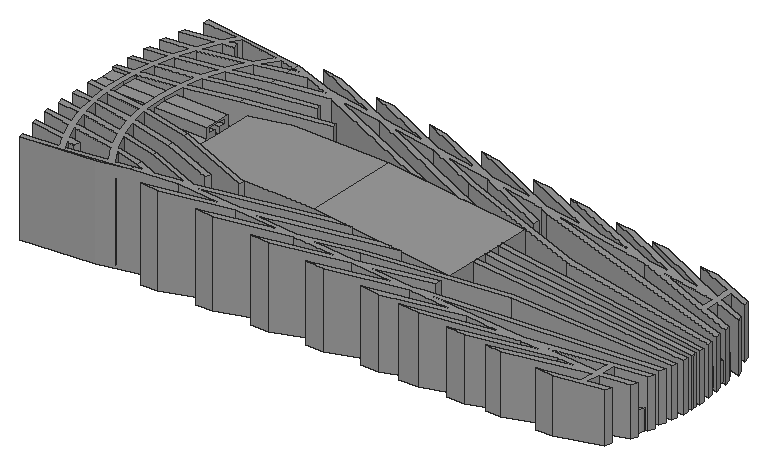
Revit family "Superstreet 250", category Осветительные приборы, Revit 2017 (continued)
Types (11, lengths in mm): name | built-in parameter 1150134 | Файл фотометрической сетки | built-in parameter 1150105 | Lumens | Apparent Load | built-in parameter 1150106 | built-in parameter 1150142 | Wattage | built-in parameter 1150107 | Артикул
  Superstreet 250 5.0К Ш23 | 2 | "Superstreet 250-202-LLI23-5.0-01.ies" | 2104.8 (stored number, unit not read) | 26450 lm | 202 VA | 21.048 (stored number, unit not read) | "ISNA:LM-63-1995\r\n[TEST]LEDEL\r\n[DATA]28.05.2018\r\n[MANUFAC]LEDEL\r\n[LUMCAT]Superstreet 250/202/Ш23/5.0K/01\r\n[LUMINAIRE]Для освещения дорог категорий А и Б, городских улиц и площадей\r\n[LAMPCAT]LED\r\n[LAMP]OSRAM OSLON SQUARE3\r\nTILT=NONE\r\n\r\n1 26450 0.830272 37 37 1 2 0.636 0.256 0.100\r\n\r\n1 1 202\r\n\r\n0 2.5 5 7.5 10 12.5 15 17.5 20 22.5 25 27.5 30 32.5 35 37.5 40 42.5 45 47.5\r\n 50 52.5 55 57.5 60 62.5 65 67.5 70 72.5 75 77.5 80 82.5 85 87.5 90\r\n\r\n90 95 100 105 110 115 120 125 130 135 140 145 150 155 160 165 170 175 180\r\n 185 190 195 200 205 210 215 220 225 230 235 240 245 250 255 260 265 270\r\n\r\n  6505 6715 6903 7090 7263 7421 7579 7740 7887 8037 8172 8337 8495 8656 8878\r\n  9167 9606 9936 9974 9719 9163 8203 6572 4416 2689 1631 1195 958 774 616\r\n  511 388 271 181 106 84 46\r\n  6490 6703 6903 7079 7233 7421 7579 7740 7894 8040 8172 8311 8465 8603 8788\r\n  9002 9321 9674 9922 9952 9659 9048 7947 6183 4101 2432 1480 1064 857 706\r\n  586 451 331 222 136 91 61\r\n  6475 6658 6880 7064 7226 7391 7571 7725 7879 8040 8172 8322 8472 8623 8788\r\n  8972 9253 9594 9839 9899 9674 9123 8097 6360 4259 2571 1555 1124 894 718\r\n  586 451 316 222 136 91 61\r\n  6550 6748 6970 7124 7301 7458 7624 7773 7932 8082 8232 8386 8547 8690 8848\r\n  9027 9314 9587 9764 9761 9471 8876 7714 5749 3591 2138 1375 1064 849 688\r\n  534 421 293 207 121 91 61\r\n  6520 6715 6903 7075 7248 7421 7564 7736 7887 8055 8202 8352 8495 8668 8818\r\n  8968 9156 9407 9644 9764 9734 9430 8735 7427 5371 3356 1916 1229 939 767\r\n  616 478 361 256 143 91 61\r\n  6535 6718 6903 7087 7241 7406 7579 7736 7902 8055 8209 8359 8517 8671 8833\r\n  8987 9193 9441 9689 9884 9914 9731 9186 8061 6024 3630 1901 1199 932 737\r\n  571 414 271 181 113 91 61\r\n  6557 6745 6910 7079 7233 7394 7571 7751 7917 8074 8232 8386 8532 8713 8863\r\n  9020 9201 9429 9719 9966 10147 10095 9779 8969 7286 4652 2314 1319 1044 853\r\n  646 504 376 256 151 106 98\r\n  6640 6805 6970 7124 7256 7421 7601 7773 7932 8097 8255 8412 8585 8743 8908\r\n  9077 9246 9467 9749 10098 10342 10410 10192 9558 8134 5388 2501 1429 1112 883\r\n  684 511 376 256 143 106 91\r\n  6572 6745 6903 7060 7211 7379 7556 7725 7902 8055 8217 8382 8555 8716 8885\r\n  9058 9238 9464 9712 10026 10342 10564 10605 10385 9667 8036 5145 2380 1292 1012\r\n  797 586 406 279 188 121 106\r\n  6580 6733 6888 7034 7188 7334 7526 7706 7871 8037 8187 8349 8502 8671 8848\r\n  9047 9231 9434 9667 9936 10252 10612 10861 10906 10598 9567 7428 4312 1938 1139\r\n  879 635 436 271 181 121 98\r\n  6557 6700 6850 6974 7128 7289 7466 7635 7811 7977 8142 8269 8457 8638 8833\r\n  9055 9246 9479 9674 9929 10252 10639 11033 11363 11462 11004 9697 7327 4259 2034\r\n  1120 760 511 301 196 136 106\r\n  6565 6700 6813 6955 7083 7244 7413 7586 7759 7920 8089 8250 8412 8599 8825\r\n  9062 9283 9512 9742 10026 10395 10777 11184 11660 12010 12074 11552 10085 7661 4626\r\n  2164 1057 624 391 256 192 151\r\n  6587 6700 6805 6925 7060 7226 7383 7571 7744 7908 8074 8232 8405 8626 8863\r\n  9103 9336 9576 9839 10192 10620 11059 11499 11979 12445 12783 12738 11910 10207 7289\r\n  3658 1534 774 463 301 226 203\r\n  6587 6677 6790 6899 7030 7166 7338 7518 7706 7848 8007 8179 8352 8581 8840\r\n  9110 9336 9572 9854 10263 10741 11255 11769 12280 12738 13162 13512 13426 12611 10068\r\n  6279 2733 1022 523 353 267 211\r\n  6595 6693 6775 6880 6985 7139 7316 7469 7654 7815 7969 8145 8337 8581 8863\r\n  9152 9389 9606 9944 10398 10921 11495 12055 12607 13054 13493 13895 14109 13865 11547\r\n  7616 3429 1225 530 346 249 203\r\n  6610 6670 6737 6823 6940 7075 7241 7406 7601 7751 7902 8070 8292 8524 8825\r\n  9110 9359 9599 9952 10417 10981 11570 12152 12704 13242 13745 14248 14695 14849 12986\r\n  8795 3974 1345 553 353 271 218\r\n  6610 6670 6737 6823 6940 7075 7241 7406 7601 7751 7902 8070 8292 8524 8825\r\n  9110 9359 9599 9952 10417 10981 11570 12152 12704 13242 13745 14248 14695 14849 12986\r\n  8795 3974 1345 553 353 271 218\r\n  6625 6651 6685 6748 6850 6959 7105 7241 7406 7575 7736 7920 8149 8434 8765\r\n  9077 9351 9677 10102 10657 11274 11919 12566 13188 13842 14446 14939 15127 14481 11349\r\n  6407 2354 842 481 346 282 226\r\n  6625 6655 6685 6730 6805 6910 7053 7169 7323 7484 7654 7848 8089 8359 8698\r\n  9020 9359 9741 10245 10868 11559 12250 12881 13376 13752 14000 13993 13745 12949 10368\r\n  6429 2685 947 451 316 267 226\r\n  6625 6602 6595 6618 6647 6726 6813 6925 7083 7211 7398 7575 7796 8030 8315\r\n  8664 9043 9457 9937 10493 11094 11665 12145 12438 12566 12528 12400 12183 11762 10543\r\n  7924 4650 2179 916 444 267 166\r\n  6610 6553 6520 6505 6520 6565 6640 6715 6820 6925 7068 7226 7398 7571 7781\r\n  8014 8277 8574 8870 9213 9546 9839 10057 10140 10050 9771 9291 8483 7218 5654\r\n  3936 2388 1277 608 346 214 136\r\n  6610 6553 6520 6505 6520 6565 6640 6715 6820 6925 7068 7226 7398 7571 7781\r\n  8014 8277 8574 8870 9213 9546 9839 10057 10140 10050 9771 9291 8483 7218 5654\r\n  3936 2388 1277 608 346 214 136\r\n  6595 6538 6490 6460 6460 6478 6550 6625 6707 6802 6918 7042 7143 7256 7398\r\n  7541 7676 7865 8044 8262 8472 8581 8585 8404 8067 7635 7023 6098 4965 3653\r\n  2246 1194 669 391 256 174 121\r\n  6587 6505 6460 6414 6399 6414 6452 6512 6565 6640 6730 6802 6865 6895 6955\r\n  6985 7038 7075 7143 7166 7150 7049 6835 6557 6317 6057 5498 4569 3485 2298\r\n  1300 747 519 346 226 139 128\r\n  6587 6478 6414 6384 6339 6362 6354 6384 6429 6471 6490 6505 6505 6478 6460\r\n  6414 6339 6279 6129 5952 5716 5472 5295 5209 5145 4811 4079 3094 2073 1269\r\n  849 601 421 286 196 136 113\r\n  6565 6475 6399 6324 6287 6249 6264 6279 6279 6279 6249 6234 6167 6091 5994\r\n  5877 5678 5430 5160 4886 4657 4525 4469 4477 4379 3946 3162 2204 1420 984\r\n  729 541 391 271 188 132 98\r\n  6557 6448 6339 6283 6234 6197 6159 6144 6114 6069 6009 5949 5859 5727 5551\r\n  5310 5018 4706 4409 4161 4026 3951 3966 3981 3801 3240 2404 1615 1127 860\r\n  676 511 361 256 181 121 98\r\n  6580 6460 6339 6249 6167 6126 6076 6009 5956 5889 5799 5693 5551 5378 5123\r\n  4811 4484 4195 3944 3748 3651 3617 3636 3636 3418 2801 1991 1393 1029 819\r\n  661 488 361 256 181 109 98\r\n  6572 6445 6309 6208 6129 6042 5971 5892 5799 5708 5573 5423 5258 5002 4695\r\n  4375 4049 3801 3575 3455 3410 3440 3463 3410 3110 2482 1765 1239 954 770\r\n  616 466 346 226 143 106 91\r\n  6640 6505 6369 6223 6114 5994 5896 5799 5678 5547 5401 5228 5002 4721 4394\r\n  4078 3801 3560 3388 3294 3275 3317 3365 3252 2975 2471 1780 1239 954 770\r\n  616 470 346 226 151 106 76\r\n  6557 6399 6264 6133 6024 5919 5799 5663 5528 5378 5198 4976 4695 4387 4064\r\n  3789 3553 3365 3238 3197 3223 3290 3245 3075 2787 2302 1690 1176 879 710\r\n  556 436 301 211 143 91 76\r\n  6535 6381 6227 6091 5986 5859 5723 5565 5416 5231 5048 4807 4492 4168 3883\r\n  3621 3395 3230 3147 3151 3230 3275 3192 3020 2742 2321 1773 1243 894 710\r\n  586 451 331 226 151 106 76\r\n  6520 6346 6204 6057 5919 5799 5633 5457 5280 5078 4852 4567 4244 3913 3628\r\n  3399 3215 3113 3080 3140 3230 3215 3125 2990 2697 2201 1623 1191 872 680\r\n  534 391 278 196 128 102 76\r\n  6550 6369 6204 6054 5896 5754 5573 5393 5205 4987 4725 4417 4086 3771 3500\r\n  3290 3117 3050 3065 3140 3170 3155 3125 2963 2577 2035 1480 1074 804 631\r\n  474 361 263 181 121 94 91\r\n  6475 6294 6137 5979 5829 5652 5476 5280 5063 4826 4552 4225 3921 3621 3380\r\n  3185 3050 2990 3035 3110 3132 3140 3095 2858 2396 1855 1382 1025 774 590\r\n  436 316 241 158 121 94 91\r\n  6490 6313 6137 5994 5829 5652 5468 5276 5055 4807 4522 4195 3868 3575 3350\r\n  3143 3027 2975 3020 3061 3080 3113 3065 2858 2419 1885 1390 1029 774 601\r\n  429 304 218 151 121 102 98\r\n  6505 6313 6152 5994 5844 5652 5468 5273 5048 4784 4484 4161 3846 3549 3313\r\n  3125 3020 2975 3020 3050 3095 3113 3050 2783 2329 1806 1337 1010 752 563\r\n  429 304 218 139 121 91 76\r\n\r\n" | 178.064 W | 5000 (stored number, unit not read) | ""
